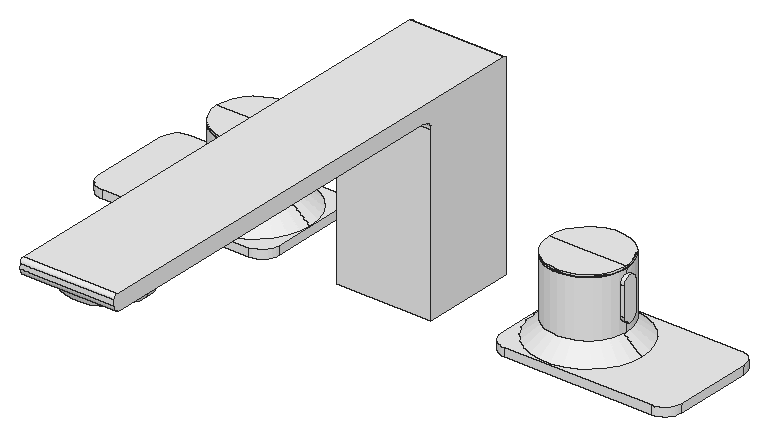
Revit family "Faucet-Bath_Deck-Mount_Contemporary_Kiwami-Renesse_TB170DD_TOTO", category Plumbing Fixtures, Revit 2013
Parameters
  ecoScorecard_data = " "
  ecoScorecard Product Page = "  "
  Width = 13 15/32"  # constant formula
  Water Connection Radius = Water Connection Diameter / 2  # 1/4"
  Water Connection Diameter = 1/2"
  Waste Connection Radius = 0"
  Waste Connection = no
  Warranty URL = "http://www.totousa.com/warranty-registration"
  Warranty = "Lifetime Limited Warranty (Residential Use); One Year Limited (Commercial Use)"  # constant formula
  WFU = 0
  Voltage = 0 V
  Vent Connection = no
  URL = "http://www.totousa.com"
  Toto BIM Number = "BM-00146"  # constant formula
  Subcategory = "Faucets"  # constant formula
  Style = "Contemporary"  # constant formula
  Spec Sheet URL = "http://assets.totousa.com/product-files/SS-00065_TB170DD.pdf"
  Sink Holes Applications = ""
  Shipping Weight = 11.30 lbf
  Series = "Kiwami Renesse"  # constant formula
  Sensor Detection Time = ""
  Sensor Detection Range = ""
  Sensor Activation Time = ""
  Product Page URL = " "
  Product Line = ""
  Owners Manual URL = "  "
  Offset to Finished Wall = 2 93/256"
  Number of Poles = 1
  Mount Type = ""
  Model = "TB170DD"  # constant formula
  Method of Operation = ""
  Manufacturer Toll Free Phone = "1-888-295-8134"  # constant formula
  Manufacturer Phone = "(770) 282-8686"  # constant formula
  Manufacturer Fax = "(770) 282-0002"  # constant formula
  Manufacturer Email = "mailto:custservice@totousa.com "
  Manufacturer Address = "1155 Southern Road, Morrow, Georgia 30260"  # constant formula
  Manufacturer = "TOTO USA, Inc."  # constant formula
  Installation URL = " "
  Industry Standards = ""
  Hot Water Connection NPT Radius = Hot Water Connection Diameter / 2  # 1/4"
  Hot Water Connection Diameter = 1/2"
  Height = 4 17/32"  # constant formula
  HWFU = 0
  HW Connection = yes
  Frequency = 0 Hz
  Flow Rate = 0 GPM
  Flow Pressure [instance] = 0.00 psi
  Finish = Metal - TOTO - Chrome - Polished
  Description = "Deck-Mounted Bath Faucet"  # constant formula
  Depth = 11 1/2"  # constant formula
  Default Elevation = 48"
  Current = 0 A
  Cost Info = "mailto:custservice@totousa.com "
  Color Availability = "#CP Polished Chrome"  # constant formula
  CWFU = 0
  CW Connection = yes
  CAD Drawing URL = "http://assets.totousa.com/product-files/AD-00304_TB170DD.dxf"
  Assembly Code = "D2010"
  Apparent Power = 0 VA
  ADA Compliant = no
  95 CSI = "15416"
  04 CSI = "22 41 39"
Reference planes (in)
  plane 1 "Center (Front/Back)": y = 0
  plane 2: z = 0
  plane 3 "Center (Left/Right)": x = 0
  plane 4: x = 3.05118
  plane 5: x = 4.82283
  plane 6: x = -4.82374
  plane 7: x = -3.05209
  plane 8: x = -1.08465
  plane 9: x = 1.08465
  plane 10 "Wall Closure": y = 2.36328
  plane 11: z = -0.25
  plane 12: y = -9.06693
  plane 13: y = -10.23692
  plane 14: y = 1.26308
  plane 15: y = -1.29991
  plane 16: z = 4.53125
  plane 17: x = -3.84252
  plane 18: x = 3.83858
  plane 19: x = -6.73228
  plane 20: x = -2.56299
  plane 21: x = 2.56299
  plane 22: x = 6.73647
Dimensions and locks (in)
  plane 5 to plane 4 = 1.77165"  (x2)
  plane 9 to plane 3 "Center (Left/Right)" to plane 8 = 1.08465", 1.08465"
  "Offset to Finished Wall": plane 1 "Center (Front/Back)" to plane 10 "Wall Closure"
  locked: plane 2 to plane 11 at 0.25
  locked: plane 12 to plane 1 "Center (Front/Back)" at 9.06693
  "Depth": plane 13 to plane 14
  locked: plane 15 to plane 14 at 2.56299
  "Height": plane 2 to plane 16
  locked: plane 17 to plane 3 "Center (Left/Right)" at 3.84252
  plane 3 "Center (Left/Right)" to plane 18 = 3.83858"
  plane 19 to plane 3 "Center (Left/Right)" = 6.73228"
  plane 17 to plane 6 = 0.98122"
  plane 18 to plane 5 = 0.98425"
  locked: plane 19 to plane 20 at 4.16929
  locked: plane 14 to plane 1 "Center (Front/Back)" at 1.26308
  locked: plane 6 to plane 3 "Center (Left/Right)" at 4.82374
  locked: plane 17 to plane 7 at 0.79043
  locked: plane 3 "Center (Left/Right)" to plane 4 at 3.05118
  plane 9 to plane 8 = 2.16929"
  locked: plane 3 "Center (Left/Right)" to plane 8 at 1.08465
  "Width": plane 19 to plane 22
  aligned: nested 1 to plane 14
  aligned and locked: plane 3 "Center (Left/Right)" to nested 1
  aligned and locked: nested 1 to plane 2
  aligned and locked: plane 10 "Wall Closure" to nested 1
Nested families (in)
  nested 1: "TB170DD" at (0, 1.1002, 0), type "TB170DD"
    with Flow Pressure 0.00 psi
Connectors (in)
  piping at (-3.84252, 1.1002, -0.25), driven by "Flow Pressure", driven by "HWFU", driven by "Hot Water Connection NPT Radius"
    settings: on nested 1, index 1, connector radius 1/4", flow factor 0, pipe flow 0 GPM, pressure drop 0.00 psi, fitting loss kfactor 0, connector angle 0.00°, fixture units 0, engagement length 0", flow configuration 3, flow direction 1, fitting loss method 4, system type 19, joint type 0, gender type 0, connector reference index -1, connector utility 0, adjustable connector no, is connector primary yes, fitting loss table "", connector description "Hot Water Inlet Connection"
  piping at (3.83858, 1.1002, -0.25), driven by "Flow Rate", driven by "CWFU", driven by "Water Connection Radius", driven by "Flow Pressure"
    settings: on nested 1, index 2, connector radius 1/4", flow factor 0, pipe flow 0 GPM, pressure drop 0.00 psi, fitting loss kfactor 0, connector angle 0.00°, fixture units 0, engagement length 0", flow configuration 3, flow direction 1, fitting loss method 4, system type 20, joint type 0, gender type 0, connector reference index -1, connector utility 0, adjustable connector no, is connector primary no, fitting loss table "", connector description "Cold Water Inlet Connection"
Definition of nested family "TB170DD"
  Parameters (values of type "TB170DD")
    ecoScorecard_data = ""
    ecoScorecard Product Page = ""
    Width = 13 15/32"  # constant formula
    Water Connection Radius = Water Connection Diameter / 2  # 1/4"
    Water Connection Diameter = 1/2"
    Waste Connection Radius = 0"
    Waste Connection = no
    Warranty URL = "http://www.totousa.com/Support/WarrantyInformation.aspx"
    Warranty = "Lifetime Limited Warranty (Residential Use); One Year Limited (Commercial Use)"  # constant formula
    WFU = 0
    Voltage = 0 V
    Vent Connection = no
    URL = "http://www.totousa.com"
    Toto BIM Number = "BM-00146"  # constant formula
    Subcategory = "Fausets"  # constant formula
    Style = "Contemporary"  # constant formula
    Spec Sheet URL = "http://www.totousa.com/Portals/0/ProductDownloads/SS-00065_TB170DD.pdf"
    Sink Holes Applications = ""
    Shipping Weight = 11.30 lbf
    Series = "Kiwami Renesse"  # constant formula
    Sensor Detection Time = ""
    Sensor Detection Range = ""
    Sensor Activation Time = ""
    Product Page URL = "http://www.totousa.com/ProductDetail.aspx?ProductID=348"
    Product Line = ""
    Owners Manual URL = "http://www.totousa.com/Portals/0/ProductDownloads/0GU3027_RENESSE_DECK_MOUNT_BATH_FAUCET_TRIM_IM_OM.pdf"
    Offset to Finished Wall = 2 93/256"
    Number of Poles = 1
    Mount Type = ""
    Model = "TB170DD"  # constant formula
    Method of Operation = ""
    Manufacturer Toll Free Phone = "1-888-295-8134"  # constant formula
    Manufacturer Phone = "(770) 282-8686"  # constant formula
    Manufacturer Fax = "(770) 282-0002"  # constant formula
    Manufacturer Email = "mailto:custservice@totousa.com "
    Manufacturer Address = "1155 Southern Road, Morrow, Georgia 30260"  # constant formula
    Manufacturer = "TOTO USA, Inc."  # constant formula
    Installation URL = ""
    Industry Standards = ""
    Hot Water Connection NPT Radius = Hot Water Connection Diameter / 2  # 1/4"
    Hot Water Connection Diameter = 1/2"
    Height = 4 17/32"  # constant formula
    HWFU = 0
    HW Connection = yes
    Frequency = 0 Hz
    Flow Rate = 0 GPM
    Flow Pressure [instance] = 0.00 psi
    Finish = Metal - TOTO - Chrome - Polished
    Description = "Deck-Mounted Bath Faucet"  # constant formula
    Depth = 11 1/2"  # constant formula
    Default Elevation = 0"
    Current = 0 A
    Cost Info = "mailto:custservice@totousa.com "
    Color Availability = "#CP Polished Chrome"  # constant formula
    CWFU = 0
    CW Connection = yes
    CAD Drawing URL = "http://www.totousa.com/Portals/0/ProductDownloads/AD-00304_TB170DD.dxf"
    Assembly Code = "D2010900"
    Apparent Power = 0 VA
    Ambient Temperature = ""
    ADA Compliant = no
  Reference planes (in)
    plane 1 "Center (Front/Back)": y = 0
    plane 2: z = 0
    plane 3 "Center (Left/Right)": x = 0
    plane 4: x = 3.05118
    plane 5: x = 4.82283
    plane 6: x = -4.82374
    plane 7: x = -3.05209
    plane 8: x = -1.08465
    plane 9: x = 1.08465
    plane 10 "Wall Closure": y = 2.36328
    plane 11: z = -0.25
    plane 12: y = -9.06693
    plane 13: y = -10.23692
    plane 14: y = 1.26308
    plane 15: y = -1.29991
    plane 16: z = 4.53125
    plane 17: x = -3.84252
    plane 18: x = 3.83858
    plane 19: x = -6.73228
    plane 20: x = -2.56299
    plane 21: x = 2.56299
    plane 22: x = 6.73647
  Forms (in)
    Extrusion 1, solid, material "Metal - TOTO - Chrome - Polished" <- "Finish"
      sketch origin (0, 0, 0) x (1, 0, 0) y (0, 1, 0)
        loop
          arc (-6.33858, 1.26308) -> (-6.61697, 1.14777) -> (-6.73228, 0.86938) r 0.3937
          line (-6.73228, 0.86938) -> (-6.73228, -0.90621)
          arc (-6.73228, -0.90621) -> (-6.61697, -1.1846) -> (-6.33858, -1.29991) r 0.3937
          line (-6.33858, -1.29991) -> (-2.95669, -1.29991)
          arc (-2.95669, -1.29991) -> (-2.6783, -1.1846) -> (-2.56299, -0.90621) r 0.3937
          line (-2.56299, -0.90621) -> (-2.56299, 0.86938)
          arc (-2.56299, 0.86938) -> (-2.6783, 1.14777) -> (-2.95669, 1.26308) r 0.3937
          line (-2.95669, 1.26308) -> (-6.33858, 1.26308)
        loop
          arc (2.95669, 1.26308) -> (2.6783, 1.14777) -> (2.56299, 0.86938) r 0.3937
          line (2.56299, 0.86938) -> (2.56299, -0.90621)
          arc (2.56299, -0.90621) -> (2.6783, -1.1846) -> (2.95669, -1.29991) r 0.3937
          line (2.95669, -1.29991) -> (6.33858, -1.29991)
          arc (6.33858, -1.29991) -> (6.61697, -1.1846) -> (6.73228, -0.90621) r 0.3937
          line (6.73228, -0.90621) -> (6.73228, 0.86938)
          arc (6.73228, 0.86938) -> (6.61697, 1.14777) -> (6.33858, 1.26308) r 0.3937
          line (6.33858, 1.26308) -> (2.95669, 1.26308)
      from 0 to 0.18898
    Extrusion 2, solid, material "Metal - TOTO - Chrome - Polished" <- "Finish"
      sketch origin (0, 0, 0) x (0, 1, 0) y (0, 0, 1)
        loop
          arc (-10.14484, 4.53125) -> (-10.20995, 4.50428) -> (-10.23692, 4.43917) r 0.09208
          line (-10.23692, 4.43917) -> (-10.23692, 4.3313)
          arc (-10.23692, 4.3313) -> (-10.18478, 4.20543) -> (-10.05892, 4.1533) r 0.178
          line (-10.05892, 4.1533) -> (-1.28769, 4.1533)
          arc (-1.28769, 4.1533) -> (-1.1485, 4.09564) -> (-1.09084, 3.95645) r 0.19685
          line (-1.09084, 3.95645) -> (-1.09084, 0) -> (1.07845, 0) -> (1.07845, 4.45929)
          arc (1.07845, 4.45929) -> (1.05738, 4.51017) -> (1.00649, 4.53125) r 0.07196
          line (1.00649, 4.53125) -> (-10.14484, 4.53125)
      from -1.08465 to 1.08465
    Extrusion 3, solid, material "Metal - TOTO - Chrome - Polished" <- "Finish"
      sketch origin (0, 0, 0) x (1, 0, 0) y (0, 1, 0)
        loop
          circle (-3.84252, 0) r 0.25
        loop
          circle (3.83858, 0) r 0.25
      from -0.25 to 0
    Revolve 4, solid, material "Metal - TOTO - Chrome - Polished" <- "Finish"
      sketch origin (0, -9.06693, 0) x (1, 0, 0) y (0, 0, 1)
        loop
          line (-1.00875, 4.15328) -> (-0.90594, 3.9328) -> (0, 3.9328) -> (0, 4.15328) -> (-1.00875, 4.15328)
        axis (0, 4.15328) -> (0, 3.9328)
      angle from 0 to 360
    Extrusion 5, solid, material "Metal - TOTO - Chrome - Polished" <- "Finish"
      sketch origin (-0.32014, 0, 0) x (0, 1, 0) y (0, 0, 1)
        loop
          arc (-0.17535, 0.972) -> (-0.01777, 0.81441) -> (0.13982, 0.972) r 0.15759
          line (0.13982, 0.972) -> (0.13982, 1.6371)
          arc (0.13982, 1.6371) -> (-0.01777, 1.79468) -> (-0.17535, 1.6371) r 0.15759
          line (-0.17535, 1.6371) -> (-0.17535, 0.972)
      from -4.50361 to -4.33123
    Extrusion 6, solid, material "Metal - TOTO - Chrome - Polished" <- "Finish"
      sketch origin (0.32014, 0, 0) x (0, 1, 0) y (0, 0, -1)
        loop
          line (-0.17535, -0.97179) -> (-0.17535, -1.6371)
          arc (-0.17535, -1.6371) -> (-0.01777, -1.79468) -> (0.13982, -1.6371) r 0.15759
          line (0.13982, -1.6371) -> (0.13982, -0.97179)
          arc (0.13982, -0.97179) -> (-0.01777, -0.81421) -> (-0.17535, -0.97179) r 0.15759
      from -4.5027 to -4.33033
    Revolve 7, solid, material "Metal - TOTO - Chrome - Polished" <- "Finish"
      sketch origin (-0.14764, 0, 0) x (-1, 0, 0) y (0, 0, 1)
        loop
          line (-4.87585, 1.93712) -> (-4.87585, 1.90554) -> (-4.84134, 1.90554) -> (-4.84134, 1.87225) -> (-4.87596, 1.87225) -> (-4.87596, 0.57108) -> (-4.78742, 0.57108) -> (-4.78742, 0.53158) -> (-5.23501, 0.18898) -> (-3.98622, 0.18898) -> (-3.98622, 1.93712) -> (-4.87585, 1.93712)
        axis (-3.98622, 1.93712) -> (-3.98622, 0.18898)
      angle from 0 to 360
    Revolve 8, solid, material "Metal - TOTO - Chrome - Polished" <- "Finish"
      sketch origin (0.14764, 0, 0) x (1, 0, 0) y (0, 0, 1)
        loop
          line (-4.87585, 1.93712) -> (-4.87585, 1.90554) -> (-4.84134, 1.90554) -> (-4.84134, 1.87225) -> (-4.87596, 1.87225) -> (-4.87596, 0.57108) -> (-4.78742, 0.57108) -> (-4.78742, 0.53158) -> (-5.23501, 0.18898) -> (-3.98622, 0.18898) -> (-3.98622, 1.93712) -> (-4.87585, 1.93712)
        axis (-3.98622, 1.93712) -> (-3.98622, 0.18898)
      angle from 0 to 360
  Dimensions and locks (in)
    plane 5 to plane 4 = 1.77165"  (x2)
    plane 9 to plane 3 "Center (Left/Right)" to plane 8 = 1.08465", 1.08465"
    "Offset to Finished Wall": plane 1 "Center (Front/Back)" to plane 10 "Wall Closure"
    locked: plane 2 to plane 11 at 0.25
    Extrusion 1 to plane 2 = 0.18898"
    locked: plane 12 to plane 1 "Center (Front/Back)" at 9.06693
    "Depth": plane 13 to plane 14
    locked: plane 15 to plane 14 at 2.56299
    "Height": plane 2 to plane 16
    locked: plane 17 to plane 3 "Center (Left/Right)" at 3.84252
    plane 3 "Center (Left/Right)" to plane 18 = 3.83858"
    plane 19 to plane 3 "Center (Left/Right)" = 6.73228"
    locked: Extrusion 2 sketch curve to plane 16 at 0.37795
    locked: Revolve 4 sketch curve to Revolve 4 sketch curve at 0.22047
    Revolve 4 sketch curve to Revolve 4 sketch curve to plane 8 = 0.10281" locked, 0.0759" locked
    locked: plane 16 to Revolve 4 sketch curve at 0.37797
    locked: plane 1 "Center (Front/Back)" to Extrusion 3 sketch curve at 0  (x2)
    locked: plane 17 to Extrusion 3 sketch curve at 0
    locked: plane 18 to Extrusion 3 sketch curve at 0
    plane 17 to plane 6 = 0.98122"
    plane 18 to plane 5 = 0.98425"
    Extrusion 5 sketch curve to Extrusion 5 sketch curve to Extrusion 5 sketch curve to Extrusion 5 sketch curve to Extrusion 5 sketch curve to Extrusion 5 sketch curve = 0" locked, 0.15759" locked, 0.34993" locked, 0.15759" locked, 0" locked
    Extrusion 5 sketch curve to Extrusion 5 sketch curve to Extrusion 5 sketch curve to Extrusion 5 sketch curve = 0" locked, 0.31517" locked, 0" locked
    locked: Extrusion 5 to Extrusion 5 at 0.17237  (x2)
    locked: plane 19 to plane 20 at 4.16929
    Extrusion 6 sketch curve to Extrusion 6 sketch curve to Extrusion 6 sketch curve to Extrusion 6 sketch curve to Extrusion 6 sketch curve to Extrusion 6 sketch curve = 0.15759" locked, 0" locked, 0.6653" locked, 0" locked, 0.15759" locked
    Extrusion 6 sketch curve to Extrusion 6 sketch curve to Extrusion 6 sketch curve to Extrusion 6 sketch curve = 0" locked, 0.31517" locked, 0" locked
    locked: Extrusion 6 to Extrusion 6 at 0.17237  (x2)
    plane 17 to Extrusion 5 to Extrusion 5 = 0.80885", 0.17237"
    Extrusion 6 to Extrusion 6 to plane 18 = 0.17237" locked, 0.81188" locked
    locked: Extrusion 5 sketch curve to plane 16 at 2.89415
    locked: Extrusion 6 sketch curve to plane 16 at 2.89415
    locked: plane 14 to plane 1 "Center (Front/Back)" at 1.26308
    locked: plane 6 to plane 3 "Center (Left/Right)" at 4.82374
    locked: plane 17 to plane 7 at 0.79043
    locked: plane 3 "Center (Left/Right)" to plane 4 at 3.05118
    Extrusion 2 to Extrusion 2 = 2.16929"
    Extrusion 2 sketch curve to plane 1 "Center (Front/Back)" to Extrusion 2 sketch curve = 1.09084" locked, 1.07845" locked
    Extrusion 2 sketch curve to Extrusion 2 sketch curve = 2.16929"
    plane 9 to plane 8 = 2.16929"
    locked: plane 3 "Center (Left/Right)" to plane 8 at 1.08465
    Extrusion 1 to Extrusion 1 = 0.18898"
    equal spacing: Revolve 7 sketch curve, Revolve 7 sketch curve, Revolve 7 sketch curve, Revolve 7 sketch curve, Revolve 7 sketch curve, Revolve 7 sketch curve, Revolve 7 sketch curve, Revolve 7 sketch curve, Revolve 7 sketch curve, plane 18
    locked: Revolve 7 sketch curve to Extrusion 1 at 0.34261
    locked: Revolve 7 sketch curve to Revolve 7 sketch curve at 0.03949
    locked: Revolve 7 sketch curve to Revolve 7 sketch curve at 1.30118
    locked: Revolve 7 sketch curve to Revolve 7 sketch curve at 0.06486
    locked: plane 18 to Revolve 7 sketch curve at 0.88963
    equal spacing: Revolve 8 sketch curve, Revolve 8 sketch curve, Revolve 8 sketch curve, Revolve 8 sketch curve, Revolve 8 sketch curve, Revolve 8 sketch curve, Revolve 8 sketch curve, Revolve 8 sketch curve, Revolve 8 sketch curve
    locked: Revolve 8 sketch curve to Revolve 8 sketch curve at 0.03949
    locked: Revolve 8 sketch curve to Revolve 8 sketch curve at 1.30118
    locked: Revolve 8 sketch curve to Revolve 8 sketch curve at 0.06486
    locked: Revolve 8 sketch curve to Extrusion 1 at 0.34261
    locked: Revolve 8 sketch curve to plane 6 at 0.09553
    "Width": plane 19 to plane 22
    locked: Extrusion 3 sketch curve to Extrusion 3 sketch curve (radius 1/4")  (x2)
    aligned and locked: level to Extrusion 3
    aligned and locked: plane 11 to Extrusion 3
    aligned and locked: Extrusion 2 sketch curve to plane 2
    aligned and locked: Extrusion 1 to level
    aligned and locked: Extrusion 2 to plane 13
    aligned and locked: Extrusion 1 sketch curve to plane 14  (x2)
    aligned and locked: plane 15 to Extrusion 1 sketch curve  (x2)
    aligned and locked: plane 16 to Extrusion 2 sketch curve
    aligned and locked: Extrusion 1 to plane 19
    aligned and locked: plane 13 to Extrusion 2 sketch curve
    aligned and locked: Extrusion 2 to plane 8
    aligned and locked: plane 9 to Extrusion 2
    aligned and locked: plane 12 to Revolve 4 sketch curve
    aligned and locked: plane 20 to Extrusion 1
    aligned and locked: Extrusion 1 to plane 21
    aligned and locked: Extrusion 5 to plane 6
    aligned and locked: plane 5 to Extrusion 6
    aligned and locked: plane 8 to Extrusion 2  (x2)
    aligned and locked: Extrusion 2 to plane 9  (x2)
    aligned and locked: Revolve 7 sketch curve to plane 18
    aligned and locked: Revolve 8 sketch curve to Extrusion 1
  Automatic sketch dimensions
    Revolve 4 sketch curve to plane 3 "Center (Left/Right)" = 0"
    Extrusion 1 sketch curve to plane 19 = 0"
    Extrusion 1 sketch curve to plane 20 = 0"
    Extrusion 1 sketch curve to plane 21 = 0"
    plane 19 to Extrusion 1 sketch curve = 0.3937"  (x2)
    plane 7 to Extrusion 1 sketch curve = 0.0954"  (x2)
    Extrusion 1 sketch curve to plane 4 = 0.09449"  (x2)
    Extrusion 2 sketch curve to Extrusion 2 sketch curve = 0.09208"
    plane 13 to Extrusion 2 sketch curve = 0.178"
    plane 15 to Extrusion 2 sketch curve = 0.01222"
    plane 16 to Extrusion 2 sketch curve = 0.07196"
    plane 1 "Center (Front/Back)" to Extrusion 5 sketch curve = 0.17535"
    plane 1 "Center (Front/Back)" to Extrusion 6 sketch curve = 0.17535"
    Revolve 7 sketch curve to plane 18 = 0"
    plane 5 to Revolve 7 sketch curve = 0.09451"
    Revolve 7 sketch curve to plane 5 = 0.26454"
    Revolve 7 sketch curve to Revolve 7 sketch curve = 0.03462"
    Revolve 7 sketch curve to Revolve 7 sketch curve = 0.08853"
    Revolve 7 sketch curve to level = 0.18898"
    Revolve 7 sketch curve to plane 11 = 0.76209"
    Revolve 7 sketch curve to Revolve 7 sketch curve = 0.19473"
    Revolve 7 sketch curve to Revolve 7 sketch curve = 0.03329"
    Revolve 8 sketch curve to plane 6 = 0.26363"
    Revolve 8 sketch curve to Revolve 8 sketch curve = 0.00011"
    Revolve 8 sketch curve to Revolve 8 sketch curve = 0.03462"
    Revolve 8 sketch curve to Revolve 8 sketch curve = 0.08853"
    plane 17 to Revolve 8 sketch curve = 0.00394"  (x2)
    plane 11 to Revolve 8 sketch curve = 0.76209"
    Revolve 8 sketch curve to Revolve 8 sketch curve = 0.19473"
    Revolve 8 sketch curve to Revolve 8 sketch curve = 0.03329"
    Extrusion 1 sketch curve to plane 22 = 0.39788"  (x2)
    Extrusion 1 sketch curve to plane 22 = 0.00418"
